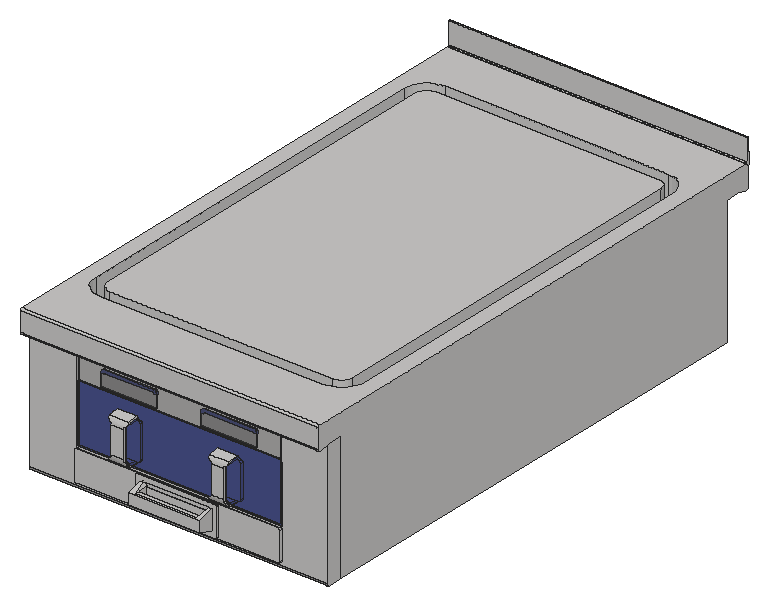
Revit family "QF_ELECTROLUXPROFESSIONAL_589127_MCTAABEOAO", category Specialty Equipment, Revit 2018
Family settings
  Round Connector Dimension = Use Diameter
  Part Type = Normal
  Work Plane-Based = No
  Always vertical = Yes
  Cut with Voids When Loaded = No
  Shared = No
  Room Calculation Point = No
Parameters
  Weight in Pounds = 165.34
  Watts = 6000 VA  # 6000 W
  Volts = 400 V  # constant formula
  URL Cutsheet = ""
  Type Mark [instance] = ""
  Status [instance] = ""
  Specification by User [instance] = ""
  Specification by Manufacturer = ""
  Show Clearance [instance] = yes
  Serial Number = ""
  Seismic Rating = ""
  SMACNA No = ""
  Revision Code [instance] = ""
  Phase = 3  # constant formula
  Omniclass Number and Title = ""
  Number of Poles [instance] = 1
  NAFEM Spec ID Number = ""
  Model = "589127"
  Min Ckt Ampacity = 0 A
  Max Overcurrent Protection = 0 A
  Masterspec = ""
  Manufacturer = "ELECTROLUX"
  Item Number [instance] = ""
  Installed By [instance] = ""
  Identify Quantity as Lot [instance] = yes
  HP = "8 HP"
  Furnished By [instance] = ""
  Foodservice Equipment Identifier [instance] = yes
  FL Amps [instance] = if(Phase = 3, Watts / (Volts * 1.73), Watts / Volts)  # 8.67052 A
  Electrical Remarks = "400 V/3N ph/50/60 Hz"  # constant formula
  Electric Connection Type [instance] = ""
  Elec Conn RI Height [instance] = 0 mm
  Elec Conn Connection Height [instance] = 0 mm
  Direct Waste Size = 0"
  Description = "EL.FREE COOKING TOP,1S,BS,500X900X250H"
  Cycle [instance] = if([60 Hertz Option], 60 Hz, 50 Hz)  # 60 Hz
  Conn Plug = ""
  Conn Conduit = yes
  CSI MasterFormat = ""
  CSI Master Format = ""
  Apparent Power [instance] = if(Phase = 3, Volts * FL Amps * 1.73, Volts * FL Amps)  # 6000 VA
  60 Hertz Option [instance] = not([50 Hertz Option])  # yes
  50 Hertz Option [instance] = no
Reference planes
  plane 1 "BACK": y = 0
  plane 2: z = 0
  plane 3 "LEFT": x = 0
  plane 4 "RIGHT": x = 500
  plane 5 "FRONT": y = -900
  plane 6 "TOP": z = 250
  plane 7: x = 250
  plane 8: y = -450
  plane 9: z = 288
  plane 10: y = -1330
  plane 11: x = 455
Forms (mm)
  Extrusion 1, solid, material "QF_Finishes_Stainless Steel"
    sketch origin (0, -487.128, 0) x (0, 1, 0) y (0, 0, 1)
      loop
        line (483.128, 250) -> (-408.872, 250)
        arc (-408.872, 250) -> (-411.7, 248.828) -> (-412.872, 246) r 4
        line (-412.872, 246) -> (-412.872, 214)
        arc (-412.872, 214) -> (-411.437, 210.931) -> (-408.161, 210.064) r 4
        line (-408.161, 210.064) -> (-392.872, 213) -> (-367.872, 213) -> (-367.872, 0) -> (441.128, 0) -> (441.128, 213) -> (465.765, 213) -> (482.433, 210.061)
        arc (482.433, 210.061) -> (485.699, 210.936) -> (487.128, 214) r 4
        line (487.128, 214) -> (487.128, 246)
        arc (487.128, 246) -> (485.956, 248.828) -> (483.128, 250) r 4
    from 0 to 500
  Extrusion 2, void
    sketch origin (653.786, 44.048, 250) x (1, 0, 0) y (0, -1, 0)
      loop
        line (-590.636, 133.048) -> (-216.936, 133.048)
        arc (-216.936, 133.048) -> (-189.96, 144.222) -> (-178.786, 171.198) r 38.15
        line (-178.786, 171.198) -> (-178.786, 816.572)
        arc (-178.786, 816.572) -> (-190.056, 843.779) -> (-217.263, 855.048) r 38.476
        line (-217.263, 855.048) -> (-591.786, 855.048)
        arc (-591.786, 855.048) -> (-617.949, 844.211) -> (-628.786, 818.048) r 37
        line (-628.786, 818.048) -> (-628.786, 171.198)
        arc (-628.786, 171.198) -> (-617.613, 144.222) -> (-590.636, 133.048) r 38.15
    from 0 to 37
  Extrusion 3, solid, material "QF_Finishes_Stainless Steel"
    sketch origin (0, -854, 0) x (1, 0, 0) y (0, -1, 0)
      loop
        circle (455, -169) r 6.35
    from 0 to 3.2
  Extrusion 4, solid, material "QF_Door-Drawer Clearances", visible <- "Show Clearance", detail levels coarse
    sketch origin (287.31, -882.593, 8.62) x (0, 0, 1) y (-1, 0, 0)
      loop
        line (1.973, -134.295) -> (49.317, -134.295)
        arc (49.317, -134.295) -> (50.776, -133.691) -> (51.38, -132.232) r 2.063
        line (51.38, -132.232) -> (51.38, 206.852)
        arc (51.38, 206.852) -> (50.88, 208.549) -> (49.541, 209.705) r 3.133
        line (49.541, 209.705) -> (3.067, 209.705)
        arc (3.067, 209.705) -> (0.898, 208.807) -> (0, 206.638) r 3.067
        line (0, 206.638) -> (0, -132.322)
        arc (0, -132.322) -> (0.578, -133.717) -> (1.973, -134.295) r 1.973
    from 0 to 447.407
  Extrusion 5, solid, material "QF_Finishes_Stainless Steel"
    sketch origin (653.786, 44.048, 213) x (1, 0, 0) y (0, 1, 0)
      loop
        line (-608.786, -171.198) -> (-608.786, -816.898)
        arc (-608.786, -816.898) -> (-603.47, -829.732) -> (-590.636, -835.048) r 18.15
        line (-590.636, -835.048) -> (-216.936, -835.048)
        arc (-216.936, -835.048) -> (-204.102, -829.732) -> (-198.786, -816.898) r 18.15
        line (-198.786, -816.898) -> (-198.786, -171.198)
        arc (-198.786, -171.198) -> (-204.102, -158.364) -> (-216.936, -153.048) r 18.15
        line (-216.936, -153.048) -> (-590.636, -153.048)
        arc (-590.636, -153.048) -> (-603.47, -158.364) -> (-608.786, -171.198) r 18.15
    from 0 to 37
  Extrusion 6, solid, material "QF_Finishes_Stainless Steel"
    sketch origin (0, -950.048, 0) x (0, -1, 0) y (0, 0, -1)
      loop
        arc (-948.097, -252.006) -> (-947.511, -250.592) -> (-946.097, -250.006) r 2
        arc (-946.097, -250.006) -> (-948.877, -248.828) -> (-950.048, -246) r 4
        line (-950.048, -246) -> (-950.048, -288.006) -> (-948.097, -288.006) -> (-948.097, -252.006)
    from 0 to 500
Cuts and joins
  Extrusion 2 cuts Extrusion 1
Lines and regions (mm)
  symbolic lines
    curve 1: line (25, -774, 0) -> (25, -127.15, 0)
    curve 2: arc (25, -127.15, 0) -> (36.174, -100.174, 0) -> (63.15, -89, 0) r 38.15
    curve 3: line (63.15, -89, 0) -> (436.85, -89, 0)
    curve 4: arc (436.85, -89, 0) -> (463.826, -100.174, 0) -> (475, -127.15, 0) r 38.15
    curve 5: line (475, -127.15, 0) -> (475, -772.524, 0)
    curve 6: arc (475, -772.524, 0) -> (463.731, -799.731, 0) -> (436.524, -811, 0) r 38.476
    curve 7: line (436.524, -811, 0) -> (62, -811, 0)
    curve 8: arc (62, -811, 0) -> (35.837, -800.163, 0) -> (25, -774, 0) r 37
    curve 9: line (0, 0, 0) -> (500, 0, 0)
    curve 10: line (0, -900, 0) -> (0, 0, 0)
    curve 11: line (500, -900, 0) -> (0, -900, 0)
    curve 12: line (500, 0, 0) -> (500, -900, 0)
  symbolic lines, style "QF_Door-Drawer Clearances"
    curve 13: line (77.605, -1330, 0) -> (77.605, -900, 0)
    curve 14: line (77.605, -1330, 0) -> (421.605, -1330, 0)
    curve 15: line (421.605, -1330, 0) -> (421.605, -900, 0)
  symbolic lines, style "SpecialityEquipment"
    curve 16: line (455, -772.85, 0) -> (455, -127.15, 0)
    curve 17: arc (455, -127.15, 0) -> (449.684, -114.316, 0) -> (436.85, -109, 0) r 18.15
    curve 18: line (436.85, -109, 0) -> (63.15, -109, 0)
    curve 19: arc (63.15, -109, 0) -> (50.316, -114.316, 0) -> (45, -127.15, 0) r 18.15
    curve 20: line (45, -127.15, 0) -> (45, -772.85, 0)
    curve 21: arc (45, -772.85, 0) -> (50.316, -785.684, 0) -> (63.15, -791, 0) r 18.15
    curve 22: line (63.15, -791, 0) -> (436.85, -791, 0)
    curve 23: arc (436.85, -791, 0) -> (449.684, -785.684, 0) -> (455, -772.85, 0) r 18.15
    curve 24: line (0, -1.951, 0) -> (500, -1.951, 0)
Dimensions and locks
  plane 3 "LEFT" to plane 4 "RIGHT" = 500 mm
  plane 5 "FRONT" to plane 1 "BACK" = 900 mm
  equal spacing: plane 3 "LEFT", plane 7, plane 4 "RIGHT"
  equal spacing: plane 5 "FRONT", plane 8, plane 1 "BACK"
  plane 6 "TOP" to level = 250 mm  (x2)
  plane 1 "BACK" to plane 5 "FRONT" = 900 mm
  Extrusion 3 sketch curve to plane 1 "BACK" = 685 mm
  Extrusion 3 sketch curve to plane 4 "RIGHT" = 45 mm
  plane 5 "FRONT" to plane 10 = 430 mm
  plane 1 "BACK" to Extrusion 3 = 685 mm
  plane 11 to plane 4 "RIGHT" = 45 mm
  plane 9 to plane 6 "TOP" = 38 mm
  plane 9 to level = 288 mm
  aligned and locked: level to plane 2
  aligned and locked: plane 7 to nested 1
  aligned and locked: Extrusion 4 to plane 10
  aligned and locked: Extrusion 1 to plane 4 "RIGHT"
Automatic sketch dimensions
  Extrusion 1 sketch curve to plane 5 "FRONT" = 0 mm
  Extrusion 1 sketch curve to plane 6 "TOP" = 0 mm
  Extrusion 1 sketch curve to level = 0 mm
  Extrusion 1 sketch curve to plane 1 "BACK" = 0 mm
  Extrusion 1 sketch curve to plane 6 "TOP" = 37 mm  (x2)
  Extrusion 1 sketch curve to plane 5 "FRONT" = 4 mm
  Extrusion 1 sketch curve to plane 5 "FRONT" = 20 mm
  Extrusion 1 sketch curve to plane 5 "FRONT" = 45 mm
  plane 1 "BACK" to Extrusion 1 sketch curve = 21.363 mm
  plane 1 "BACK" to Extrusion 1 sketch curve = 4 mm  (x2)
  Extrusion 1 sketch curve to Extrusion 1 sketch curve = 4 mm
  Extrusion 1 sketch curve to Extrusion 1 sketch curve = 0.711 mm
  plane 1 "BACK" to Extrusion 1 sketch curve = 4.695 mm
  Extrusion 1 sketch curve to Extrusion 1 sketch curve = 0 mm  (x2)
  Extrusion 1 sketch curve to Extrusion 1 sketch curve = 1 mm  (x2)
  plane 1 "BACK" to Extrusion 1 sketch curve = 46 mm
  Extrusion 4 sketch curve to nested 1 = 1.973 mm
  Extrusion 4 sketch curve to nested 1 = 2.853 mm
  Extrusion 4 sketch curve to nested 1 = 1.839 mm
  Extrusion 1 to Extrusion 2 sketch curve = 25 mm  (x2)
  Extrusion 1 to Extrusion 2 sketch curve = 85 mm
  Extrusion 2 sketch curve to Extrusion 2 sketch curve = 37 mm
  Extrusion 2 sketch curve to Extrusion 2 sketch curve = 38.15 mm
  Extrusion 1 to Extrusion 2 sketch curve = 63.476 mm
  Extrusion 1 to Extrusion 2 sketch curve = 63.15 mm
  Extrusion 1 to Extrusion 2 sketch curve = 123.15 mm
  Extrusion 5 sketch curve to Extrusion 2 = 20 mm  (x3)
  Extrusion 5 sketch curve to Extrusion 2 = 38.15 mm  (x5)
  curve 2 to curve 19 = 0 mm  (x2)
  curve 4 to curve 17 = 0 mm  (x2)
  plane 1 "BACK" to curve 9 = 0 mm
  curve 9 to plane 4 "RIGHT" = 0 mm
  curve 14 to plane 10 = 0 mm
  curve 10 to plane 3 "LEFT" = 0 mm
  plane 5 "FRONT" to curve 10 = 0 mm
  plane 4 "RIGHT" to curve 5 = 25 mm
  curve 4 to curve 16 = 20 mm
  curve 16 to curve 18 = 18.15 mm
  curve 16 to curve 22 = 18.15 mm
  curve 23 to curve 7 = 0.326 mm
  plane 4 "RIGHT" to curve 14 = 78.395 mm
  plane 3 "LEFT" to curve 3 = 63.15 mm
  plane 3 "LEFT" to curve 22 = 63.15 mm
  curve 21 to curve 7 = 1.15 mm
  curve 2 to curve 20 = 18.15 mm
  plane 3 "LEFT" to curve 14 = 77.605 mm
  plane 1 "BACK" to curve 3 = 89 mm
  curve 5 to plane 5 "FRONT" = 127.476 mm
  curve 20 to curve 8 = 1.15 mm
  Extrusion 6 sketch curve to plane 1 "BACK" = 0 mm  (x2)
  Extrusion 6 sketch curve to plane 6 "TOP" = 2.006 mm
  Extrusion 6 sketch curve to plane 6 "TOP" = 0 mm
  Extrusion 6 sketch curve to Extrusion 6 sketch curve = 1.951 mm
  Extrusion 6 sketch curve to Extrusion 6 sketch curve = 2 mm
  Extrusion 6 sketch curve to Extrusion 6 sketch curve = 0.049 mm
  Extrusion 6 sketch curve to Extrusion 6 sketch curve = 36 mm
  Extrusion 6 sketch curve to Extrusion 6 sketch curve = 0 mm
  radius of Extrusion 3 sketch curve = 6.35 mm
  radius of Extrusion 4 sketch curve to nested 1 = 0 mm  (x2)
Nested families
  nested 1: "EG_900_500_Double Front Panel with Center Grease Trap" at (202.376, -855, -650), type "EG_900_500_Double Front Panel with Center Grease Trap"
Connectors
  electrical at (455, -685, -3.2), driven by "Volts", driven by "Watts"
    settings: on Extrusion 3, index 1, voltage 400 V, apparent load 6000 VA, apparent load phase1 0 VA, apparent load phase2 0 VA, apparent load phase3 0 VA, power factor 1, load classification "Other", number of poles 1, system type 30, power factor state 1, is connector primary yes, connector utility no, sub classification motor no, connector description "ELECTRICAL CONNECTION"
Definition of nested family "EG_900_500_Double Front Panel with Center Grease Trap"
  Reference planes
    plane 1 "Center (Front/Back)": y = 0
    plane 2: z = 0
    plane 3 "Center (Left/Right)": x = 47.624
    plane 4: x = -202.376
    plane 5: x = 297.624
    plane 6: y = -45
  Forms (mm)
    Extrusion 1, solid
      sketch origin (833.217, 829.203, -1.25) x (0, 1, 0) y (0, 0, 1)
        loop
          arc (-854.203, 654.25) -> (-853.324, 652.129) -> (-851.203, 651.25) r 3
          line (-851.203, 651.25) -> (-829.203, 651.25) -> (-829.203, 864.25) -> (-854.203, 864.25) -> (-854.203, 654.25)
      from -1035.593 to -535.593
    Extrusion 2, void
      sketch origin (33.217, 829.203, -1.25) x (1, 0, 0) y (0, 0, 1)
        loop
          line (-157.593, 855.116) -> (-157.593, 713.116) -> (186.407, 713.116) -> (186.407, 855.116) -> (-157.593, 855.116)
      from 848.59 to 854.203
  Cuts and joins
    Extrusion 2 cuts Extrusion 1
  Dimensions and locks
    equal spacing: plane 5, plane 3 "Center (Left/Right)", plane 4
    plane 5 to plane 4 = 500 mm
    equal spacing: nested 4, nested 2, nested 1
    aligned and locked: cut or joined group of Extrusion 1, Extrusion 2 to plane 4
    aligned and locked: plane 5 to cut or joined group of Extrusion 1, Extrusion 2
    aligned and locked: plane 3 "Center (Left/Right)" to nested 2
    aligned and locked: cut or joined group of Extrusion 1, Extrusion 2 to nested 2
    aligned and locked: plane 3 "Center (Left/Right)" to nested 3
  Automatic sketch dimensions
    Extrusion 1 sketch curve to plane 1 "Center (Front/Back)" = 0 mm
    plane 1 "Center (Front/Back)" to Extrusion 1 sketch curve = 22 mm
    Extrusion 1 sketch curve to Extrusion 1 sketch curve = 3 mm
    level to Extrusion 1 sketch curve = 650 mm
    Extrusion 1 sketch curve to Extrusion 1 sketch curve = 210 mm
    plane 4 to Extrusion 2 sketch curve = 78 mm
    Extrusion 2 sketch curve to plane 5 = 78 mm
    level to Extrusion 2 sketch curve = 711.866 mm
    Extrusion 2 sketch curve to Extrusion 2 sketch curve = 142 mm
  Nested families
    nested 1: "Range Control Handle" at (-36.126, -28.137, -209.113) x (-1, 0, 0) z (0, 0, 1), type "Range Control Handle"
    nested 2: "glass conrol panel" at (47.624, 280.644, 2.752), type "glass conrol panel"
    nested 3: "grease trap door" at (115.223, -25, 0.608) x (-1, 0, 0) z (0, 0, 1), type "grease trap door"
    nested 4: "Range Control Handle" at (131.374, -28.137, -209.113), type "Range Control Handle"
  Definition of nested family "Range Control Handle"
    Reference planes
      plane 1 "Center (Front/Back)": y = 0
      plane 2: z = 0
      plane 3 "Center (Left/Right)": x = 0
      plane 4: z = 971.092
      plane 5: y = -16.9
    Forms (mm)
      Extrusion 1, solid
        sketch origin (-746.28, 380.497, 208.931) x (-1, 0, 0) y (0, 0, 1)
          loop
            line (-770.101, 786.798) -> (-770.101, 731.649)
            arc (-770.101, 731.649) -> (-769.759, 730.563) -> (-768.855, 729.87) r 1.893
            line (-768.855, 729.87) -> (-763.474, 727.911) -> (-729.81, 727.911) -> (-724.428, 729.87)
            arc (-724.428, 729.87) -> (-723.525, 730.563) -> (-723.183, 731.649) r 1.893
            line (-723.183, 731.649) -> (-723.183, 786.798)
            arc (-723.183, 786.798) -> (-723.529, 787.894) -> (-724.44, 788.593) r 1.91
            line (-724.44, 788.593) -> (-729.683, 790.819) -> (-763.601, 790.819) -> (-768.844, 788.593)
            arc (-768.844, 788.593) -> (-769.755, 787.894) -> (-770.101, 786.798) r 1.91
        from -382.35 to -378.852
      Sweep 2, solid
        path origin (-746.788, 380.496, 208.091) x (0, -1, 0) y (0, 0, 1)
          loop
            line (379.775, 793.281) -> (395.661, 791.048)
            arc (395.661, 791.048) -> (397.781, 787.377) -> (398.517, 783.202) r 12.207
            line (398.517, 783.202) -> (398.517, 737.368)
            arc (398.517, 737.368) -> (397.781, 733.193) -> (395.661, 729.522) r 12.207
            line (395.661, 729.522) -> (379.775, 727.289)
        profile origin (-746.788, -7.222, 1000.256) x (0, -0.139173, 0.990268) y (-1, 0, 0)
          loop
            line (0.782, -763.123) -> (0.782, -730.907) -> (-1.322, -730.907) -> (-1.322, -763.123) -> (0.782, -763.123)
      Sweep 3, solid
        path origin (-746.788, 380.715, 207.832) x (0, -1, 0) y (0, 0, 1)
          loop
            line (380.478, 795.442) -> (397.218, 793.09)
            arc (397.218, 793.09) -> (399.929, 788.473) -> (400.871, 783.202) r 15.207
            line (400.871, 783.202) -> (400.871, 737.584)
            arc (400.871, 737.584) -> (399.914, 732.274) -> (397.164, 727.633) r 15.207
            line (397.164, 727.633) -> (380.601, 725.305)
        profile origin (-746.788, -8.132, 1002.099) x (0, -0.139173, 0.990268) y (-1, 0, 0)
          loop
            line (0.782, -763.123) -> (0.782, -730.907) -> (-1.322, -730.907) -> (-1.322, -763.123) -> (0.782, -763.123)
      Extrusion 4, void
        sketch origin (889.253, 220.666, 207.993) x (1, 0, 0) y (0, 0, 1)
          loop
            line (-943.038, 816.854) -> (-943.038, 703.686) -> (-899.466, 734.196) -> (-899.466, 786.344) -> (-943.038, 816.854)
        from 230.636 to 242.25
      Extrusion 5, void
        sketch origin (-888.8, 220.666, 207.993) x (-1, 0, 0) y (0, 0, -1)
          loop
            line (-943.038, -816.854) -> (-899.466, -786.344) -> (-899.466, -734.196) -> (-943.038, -703.686) -> (-943.038, -816.854)
        from 230.636 to 242.25
      Extrusion 6, solid
        sketch origin (0, 0, 0) x (1, 0, 0) y (0, 0, 1)
          loop
            circle (0, 971.092) r 7.736
        from -3.137 to -1.645
    Cuts and joins
      Extrusion 4, Extrusion 5 cuts Sweep 3
      Extrusion 4, Extrusion 5 cuts Sweep 2
      joined: Extrusion 1, Extrusion 6
    Lines and regions (mm)
      symbolic lines
        curve 1: line (16.334, -16.9, 0) -> (16.334, -19.227, 0)
        curve 2: spline (16.334, -19.227, 0) -> (15.87, -19.385, 0) -> (15.404, -19.536, 0) -> (14.936, -19.678, 0) -> (14.466, -19.813, 0) -> (13.995, -19.94, 0) -> (13.523, -20.059, 0) -> (13.049, -20.171, 0) -> (12.575, -20.274, 0) -> (12.099, -20.37, 0) -> (11.622, -20.458, 0) -> (11.144, -20.537, 0) -> (10.666, -20.609, 0)
        curve 3: line (10.666, -16.9, 0) -> (10.666, -20.938, 0)
        curve 4: line (-10.213, -20.938, 0) -> (10.666, -20.938, 0)
        curve 5: line (-10.213, -20.938, 0) -> (-10.213, -16.9, 0)
        curve 6: spline (-10.213, -20.609, 0) -> (-10.691, -20.537, 0) -> (-11.169, -20.458, 0) -> (-11.646, -20.37, 0) -> (-12.122, -20.274, 0) -> (-12.597, -20.171, 0) -> (-13.07, -20.059, 0) -> (-13.542, -19.94, 0) -> (-14.013, -19.813, 0) -> (-14.483, -19.678, 0) -> (-14.951, -19.536, 0) -> (-15.417, -19.385, 0) -> (-15.881, -19.227, 0)
        curve 7: line (-15.881, -19.227, 0) -> (-15.881, -16.9, 0)
  Definition of nested family "glass conrol panel"
    Reference planes
      plane 1 "Center (Front/Back)": y = 0
      plane 2: z = 0
      plane 3 "Center (Left/Right)": x = 0
    Forms (mm)
      Extrusion 1, solid
        sketch origin (378.286, 0, 0.617) x (1, 0, 0) y (0, 0, 1)
          loop
            line (-550.286, 806.791) -> (-550.286, 708.497) -> (-206.286, 708.497) -> (-206.286, 806.791) -> (-550.286, 806.791)
        from 300.031 to 304.8
      Extrusion 2, solid
        sketch origin (378.286, 0, 0.617) x (1, 0, 0) y (0, 0, 1)
          loop
            line (-550.286, 850.497) -> (-550.286, 806.791) -> (-206.286, 806.791) -> (-206.286, 850.497) -> (-550.286, 850.497)
        from 300.031 to 304.8
      Extrusion 3, void
        sketch origin (378.286, 0, 0.617) x (1, 0, 0) y (0, 0, 1)
          loop
            line (-547.628, 847.565) -> (-547.628, 710.699) -> (-209.196, 710.699) -> (-209.196, 847.565) -> (-547.628, 847.565)
        from 303.697 to 304.8
      Extrusion 4, solid
        sketch origin (-392.059, 1.101, -0.633) x (-1, 0, 0) y (0, 0, -1)
          loop
            line (-261.431, -812.62) -> (-355.186, -812.62) -> (-355.186, -834.177) -> (-350.269, -834.177) -> (-348.469, -835.977) -> (-268.039, -835.977) -> (-266.24, -834.177) -> (-261.431, -834.177) -> (-261.431, -812.62)
        from 304.798 to 306.745
      Extrusion 5, solid
        sketch origin (-392.059, 1.101, -0.633) x (-1, 0, 0) y (0, 0, -1)
          loop
            line (-350.269, -834.177) -> (-355.078, -834.177)
            arc (-355.078, -834.177) -> (-353.942, -838.747) -> (-349.686, -840.763) r 5.5
            line (-349.686, -840.763) -> (-266.98, -840.763)
            arc (-266.98, -840.763) -> (-262.706, -838.752) -> (-261.529, -834.177) r 5.549
            line (-261.529, -834.177) -> (-266.24, -834.177) -> (-268.039, -835.977) -> (-348.469, -835.977) -> (-350.269, -834.177)
        from 304.798 to 306.745
      Extrusion 6, solid
        sketch origin (392.059, 1.101, -0.633) x (1, 0, 0) y (0, 0, 1)
          loop
            line (-261.431, 812.62) -> (-261.431, 834.177) -> (-266.24, 834.177) -> (-268.039, 835.977) -> (-348.469, 835.977) -> (-350.269, 834.177) -> (-355.186, 834.177) -> (-355.186, 812.62) -> (-261.431, 812.62)
        from 304.798 to 306.745
      Extrusion 7, solid
        sketch origin (392.059, 1.101, -0.633) x (1, 0, 0) y (0, 0, 1)
          loop
            line (-350.269, 834.177) -> (-348.469, 835.977) -> (-268.039, 835.977) -> (-266.24, 834.177) -> (-261.529, 834.177)
            arc (-261.529, 834.177) -> (-262.706, 838.752) -> (-266.98, 840.763) r 5.549
            line (-266.98, 840.763) -> (-349.686, 840.763)
            arc (-349.686, 840.763) -> (-353.942, 838.747) -> (-355.078, 834.177) r 5.5
            line (-355.078, 834.177) -> (-350.269, 834.177)
        from 304.798 to 306.745
    Cuts and joins
      Extrusion 3 cuts Extrusion 1
      Extrusion 3 cuts Extrusion 2
    Dimensions and locks
      aligned and locked: Extrusion 1 to Extrusion 2
      aligned and locked: Extrusion 5 sketch curve to Extrusion 4  (x5)
      aligned and locked: Extrusion 5 to Extrusion 4
      aligned and locked: Extrusion 7 sketch curve to Extrusion 6  (x4)
      aligned and locked: Extrusion 6 to Extrusion 7 sketch curve
      aligned and locked: Extrusion 7 to Extrusion 6
  Definition of nested family "grease trap door"
    Reference planes
      plane 1 "Center (Front/Back)": y = 0
      plane 2: z = 0
      plane 3 "Center (Left/Right)": x = 0
      plane 4: y = -20
    Forms (mm)
      Extrusion 1, solid
        sketch origin (1627.55, 854.203, -1.25) x (1, 0, 0) y (0, 0, 1)
          loop
            arc (-1627.55, 661.235) -> (-1626.972, 659.84) -> (-1625.577, 659.262) r 1.973
            line (-1625.577, 659.262) -> (-1494.325, 659.262)
            arc (-1494.325, 659.262) -> (-1492.156, 660.16) -> (-1491.258, 662.329) r 3.067
            line (-1491.258, 662.329) -> (-1491.258, 708.803)
            arc (-1491.258, 708.803) -> (-1492.414, 710.143) -> (-1494.111, 710.642) r 3.133
            line (-1494.111, 710.642) -> (-1625.486, 710.642)
            arc (-1625.486, 710.642) -> (-1626.945, 710.038) -> (-1627.55, 708.579) r 2.063
            line (-1627.55, 708.579) -> (-1627.55, 661.235)
        from 856.795 to 859.203
      Extrusion 2, solid
        sketch origin (445.874, 2476.61, 0) x (0, 1, 0) y (0, 0, 1)
          loop
            line (-2506.377, 675.273) -> (-2481.61, 667.505) -> (-2481.61, 700.995) -> (-2506.377, 693.227) -> (-2506.377, 675.273)
        from -437.68 to -317.68
      Extrusion 3, void
        sketch origin (1627.55, 854.203, -1.25) x (1, 0, 0) y (0, 0, 1)
          loop
            line (-1614.883, 703) -> (-1610.542, 695.433) -> (-1508.17, 695.433) -> (-1503.828, 703) -> (-1614.883, 703)
          loop
            line (-1614.883, 668) -> (-1502.669, 668) -> (-1507.01, 675.567) -> (-1610.542, 675.567) -> (-1614.883, 668)
        from 832.916 to 883.97
      Extrusion 4, void
        sketch origin (447.55, 854.203, -1.25) x (1, 0, 0) y (0, 0, 1)
          loop
            line (-430.542, 695.433) -> (-430.542, 675.567) -> (-328.17, 675.567) -> (-328.17, 695.433) -> (-430.542, 695.433)
        from 859.203 to 874.202
      Extrusion 5, solid
        sketch origin (1627.55, 854.203, -1.25) x (1, 0, 0) y (0, 0, 1)
          loop
            arc (-1731.556, 661.235) -> (-1730.978, 659.84) -> (-1729.583, 659.262) r 1.973
            line (-1729.583, 659.262) -> (-1390.623, 659.262)
            arc (-1390.623, 659.262) -> (-1388.454, 660.16) -> (-1387.556, 662.329) r 3.067
            line (-1387.556, 662.329) -> (-1387.556, 708.803)
            arc (-1387.556, 708.803) -> (-1388.712, 710.143) -> (-1390.409, 710.642) r 3.133
            line (-1390.409, 710.642) -> (-1729.493, 710.642)
            arc (-1729.493, 710.642) -> (-1730.952, 710.038) -> (-1731.556, 708.579) r 2.063
            line (-1731.556, 708.579) -> (-1731.556, 661.235)
        from 854.203 to 856.795
    Cuts and joins
      Extrusion 3 cuts Extrusion 1
      Extrusion 3, Extrusion 4 cuts Extrusion 2
      joined: Extrusion 1, Extrusion 2
    Lines and regions (mm)
      model lines
        curve 1: line (67.599, 0, 658.012) -> (67.599, 0, 709.392)
      symbolic lines
        curve 2: line (8.194, -20, 0) -> (8.194, -29.767, 0)
        curve 3: line (8.194, -29.767, 0) -> (128.194, -29.767, 0)
        curve 4: line (128.194, -29.767, 0) -> (128.194, -20, 0)
    Dimensions and locks
      aligned and locked: Extrusion 2 to Extrusion 1
      aligned and locked: Extrusion 3 to Extrusion 2
      aligned and locked: Extrusion 4 to Extrusion 1
